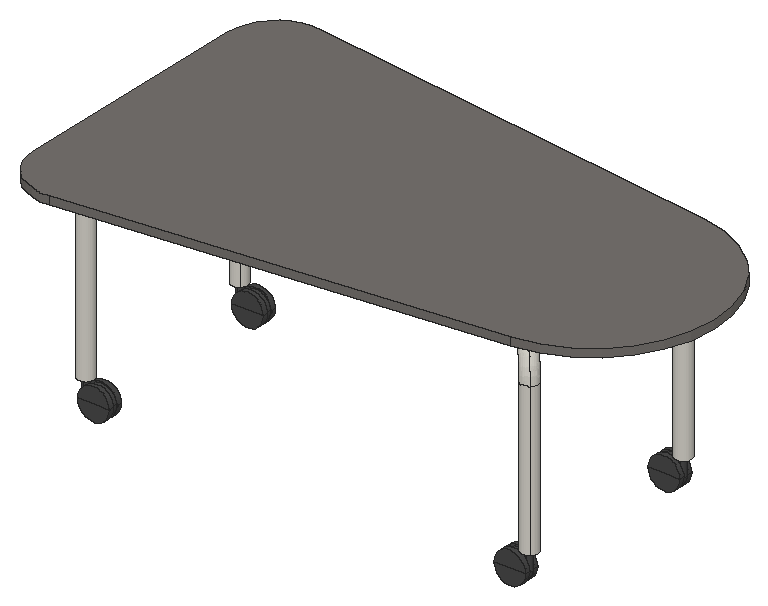
Revit family "Table-Teknion-CQTHU_Partner_Table-R2020", category Furniture, Revit 2020 (continued)
Automatic sketch dimensions
  Sweep 4 sketch curve to Sweep 4 sketch curve = 5.41586"
  Sweep 5 sketch curve to Sweep 5 sketch curve = 5.41586"
  profile plane to Sweep 7 sketch curve = 0.000"
  plane 16 to Sweep 8 sketch curve = 0.000"
  Sweep 8 sketch curve to profile plane = 0.000"
  Sweep 2 sketch curve to plane 11 = 0.000"
  Sweep 3 sketch curve to plane 12 = 0.000"
  plane 11 to Sweep 3 sketch curve = 12.80639"
  Sweep 3 sketch curve to Sweep 3 sketch curve = 5.42987"
  Sweep 2 sketch curve to plane 12 = 12.80248"
  Sweep 2 sketch curve to Sweep 2 sketch curve = 5.42596"
  plane 23 to Sweep 4 sketch curve = 0.0101"
  plane 13 to Sweep 4 sketch curve = 12.79237"
  Sweep 4 sketch curve to plane 14 = 0.000"
  Sweep 5 sketch curve to plane 14 = 12.79237"
  Sweep 5 sketch curve to plane 13 = 0.000"
  Sweep 1 sketch curve to Sweep 1 sketch curve = 5.95972"
  plane 1 "Center Front/Back" to Sweep 1 sketch curve = 14.89931"
  plane 1 "Center Front/Back" to Sweep 6 sketch curve = 7.98566"
  Sweep 6 sketch curve to Sweep 6 sketch curve = 0.000"  (x4)
  Sweep 6 sketch curve to Sweep 6 sketch curve = 0.53033"  (x6)
  plane 1 "Center Front/Back" to Sweep 6 sketch curve = 10.62309"
  Sweep 6 sketch curve to plane 1 "Center Front/Back" = 4.51306"  (x2)
  Sweep 6 sketch curve to plane 1 "Center Front/Back" = 7.15048"
  plane 1 "Center Front/Back" to Sweep 6 sketch curve = 7.15048"
  Sweep 6 sketch curve to Sweep 6 sketch curve = 2.63742"
  plane 1 "Center Front/Back" to Sweep 6 sketch curve = 4.51306"
  Revolve 10 sketch curve to Revolve 10 sketch curve = 0.470"
  Revolve 10 sketch curve to Revolve 10 sketch curve = 0.38622"
  Revolve 12 sketch curve to Revolve 12 sketch curve = 0.38622"
  Revolve 12 sketch curve to Revolve 12 sketch curve = 0.470"
  Revolve 14 sketch curve to Revolve 14 sketch curve = 0.470"
  Revolve 14 sketch curve to Revolve 14 sketch curve = 0.38622"
  plane 20 to Sweep 15 sketch curve = 0.000"
  Sweep 15 sketch curve to plane 21 = 0.000"
  Sweep 15 sketch curve to plane 15 = 0.000"
  Sweep 15 sketch curve to profile plane = 0.000"
  Sweep 15 sketch curve to profile plane = 11.88108"
  Revolve 16 sketch curve to Revolve 16 sketch curve = 0.38622"
  Revolve 16 sketch curve to Revolve 16 sketch curve = 0.470"
  plane 20 to Sweep 17 sketch curve = 0.000"
  Sweep 17 sketch curve to plane 15 = 0.000"
  Sweep 17 sketch curve to plane 21 = 0.000"
  Sweep 17 sketch curve to profile plane = 0.000"
  Sweep 17 sketch curve to profile plane = 11.88108"
  Sweep 18 sketch curve to Sweep 18 sketch curve = 0.70711"  (x4)
  profile plane to Sweep 18 sketch curve = 0.70711"  (x2)
  Sweep 18 sketch curve to profile plane = 0.70711"  (x2)
  profile plane to Sweep 19 sketch curve = 0.70711"  (x2)
  Sweep 19 sketch curve to Sweep 19 sketch curve = 0.70711"  (x4)
  Sweep 19 sketch curve to profile plane = 0.70711"  (x2)
  Revolve 23 sketch curve to Revolve 23 sketch curve = 0.47945"
  Revolve 23 sketch curve to plane 21 = 0.44795"
  level to Revolve 20 sketch curve = 0.43383"
  plane 21 to Revolve 20 sketch curve = 0.40234"
  Revolve 22 sketch curve to plane 20 = 0.000"
  Revolve 22 sketch curve to plane 21 = 0.44795"
  Revolve 22 sketch curve to level = 0.47945"
  Revolve 21 sketch curve to level = 0.6079"
  plane 22 to Revolve 21 sketch curve = 0.5171"
  Sweep 24 sketch curve to Sweep 24 sketch curve = 0.625"  (x3)
  Sweep 24 sketch curve to Sweep 24 sketch curve = 0.000"
  SweptBlend 25 sketch curve to SweptBlend 25 sketch curve = 0.500"  (x3)
  SweptBlend 25 sketch curve to SweptBlend 25 sketch curve = 0.000"  (x3)
  SweptBlend 25 sketch curve to SweptBlend 25 sketch curve = 0.27209"
  SweptBlend 25 sketch curve to SweptBlend 25 sketch curve = 0.20265"  (x2)
  curve 85 to curve 86 = 0.000"
  curve 85 to curve 91 = 0.000"
  curve 86 to curve 91 = 0.000"  (x2)
  curve 98 to curve 99 = 0.000"
  curve 98 to curve 100 = 0.000"  (x2)
  curve 99 to curve 100 = 0.000"
  plane 14 to curve 77 = 0.000"
  curve 72 to plane 13 = 0.000"
  curve 172 to plane 20 = 0.000"  (x2)
  plane 14 to curve 101 = 0.000"
  curve 73 to plane 13 = 0.000"
  curve 96 to plane 13 = 0.000"
  plane 14 to curve 76 = 0.000"
  plane 1 "Center Front/Back" to curve 100 = 0.000"
  plane 1 "Center Front/Back" to curve 85 = 0.000"
  curve 90 to plane 12 = 0.000"
  plane 11 to curve 81 = 0.000"
  curve 66 to plane 12 = 0.000"
  plane 11 to curve 63 = 0.000"  (x2)
  curve 160 to plane 19 = 0.000"
  curve 147 to plane 19 = 0.000"  (x2)
  curve 159 to plane 19 = 0.000"
  curve 67 to plane 12 = 0.000"
  curve 127 to plane 17 = 0.000"  (x2)
  curve 126 to plane 17 = 0.000"  (x2)
  curve 124 to plane 17 = 0.000"  (x2)
  curve 123 to plane 17 = 0.000"  (x2)
  curve 114 to plane 17 = 0.000"  (x2)
  curve 113 to plane 17 = 0.000"  (x2)
  curve 115 to plane 17 = 0.000"
  curve 118 to plane 17 = 0.000"
  curve 117 to plane 17 = 0.000"  (x2)
  plane 18 to curve 112 = 0.000"
  plane 18 to curve 132 = 0.000"
  plane 18 to curve 131 = 0.000"  (x2)
  plane 18 to curve 130 = 0.000"
  plane 18 to curve 133 = 0.000"  (x2)
  plane 18 to curve 134 = 0.000"
  plane 18 to curve 136 = 0.000"
  plane 18 to curve 105 = 0.000"  (x2)
  plane 18 to curve 107 = 0.000"  (x2)
  plane 18 to curve 109 = 0.000"  (x2)
  plane 18 to curve 111 = 0.000"
  plane 20 to curve 94 = 0.11004"
  curve 103 to plane 18 = 0.11004"
  curve 29 to curve 36 = 0.53033"
  curve 21 to curve 22 = 0.53033"
  curve 23 to curve 22 = 0.53033"
  curve 35 to curve 36 = 0.53033"
  curve 21 to curve 28 = 0.53033"
  curve 29 to curve 30 = 0.53033"
  curve 23 to plane 17 = 1.258"
  plane 1 "Center Front/Back" to curve 31 = 4.51306"
  curve 27 to plane 1 "Center Front/Back" = 4.51306"
  curve 33 to plane 18 = 1.258"
  curve 25 to plane 17 = 1.258"
  curve 31 to plane 18 = 4.7306"
  curve 25 to plane 17 = 3.66994"
  curve 33 to plane 18 = 3.66994"
  curve 27 to plane 17 = 4.7306"
  curve 94 to plane 1 "Center Front/Back" = 1.31331"
  curve 100 to curve 94 = 1.31331"
  plane 1 "Center Front/Back" to curve 104 = 1.31331"
  plane 1 "Center Front/Back" to curve 103 = 2.19719"
  curve 95 to plane 1 "Center Front/Back" = 2.19719"
  curve 88 to plane 1 "Center Front/Back" = 2.19719"
  curve 88 to curve 68 = 3.19557"
  plane 1 "Center Front/Back" to curve 84 = 2.19719"
  plane 1 "Center Front/Back" to curve 83 = 1.31331"
  curve 87 to plane 1 "Center Front/Back" = 1.31331"
  curve 9 to plane 18 = 3.66994"
  curve 11 to plane 18 = 4.7306"
  curve 13 to plane 17 = 3.66994"
  curve 19 to plane 17 = 4.7306"
  curve 9 to plane 18 = 1.258"
  curve 13 to plane 17 = 1.258"
  plane 1 "Center Front/Back" to curve 11 = 4.51306"
  curve 19 to plane 1 "Center Front/Back" = 4.51306"
  curve 15 to plane 17 = 1.258"
  curve 7 to plane 18 = 1.258"
  curve 18 to curve 17 = 0.53033"
  curve 12 to curve 5 = 0.53033"
  curve 16 to curve 17 = 0.53033"
  curve 6 to curve 7 = 0.53033"
  curve 16 to curve 15 = 0.53033"
  curve 6 to curve 5 = 0.53033"
  curve 75 to plane 17 = 0.70711"
  curve 101 to curve 104 = 0.000"
  plane 17 to curve 74 = 0.70711"
  plane 18 to curve 80 = 0.70711"
  curve 97 to plane 17 = 0.11004"
  curve 95 to plane 17 = 0.11004"
  curve 92 to curve 99 = 0.03057"
  curve 86 to plane 1 "Center Front/Back" = 0.09036"
  curve 90 to curve 88 = 0.000"
  plane 18 to curve 65 = 0.70711"
  plane 17 to curve 69 = 0.70711"
  curve 70 to plane 17 = 0.70711"
  curve 64 to plane 18 = 0.70711"
  curve 104 to curve 177 = 0.10393"
  curve 35 to curve 173 = 0.368"
  curve 79 to curve 177 = 0.38211"
  curve 183 to plane 20 = 0.000"
  curve 184 to plane 20 = 0.000"
  radius of Sweep 7 sketch curve = 0.625"
  radius of Sweep 8 sketch curve = 0.625"
  radius of Sweep 4 sketch curve = 1.000"
  radius of Sweep 5 sketch curve = 1.000"
  radius of Sweep 9 sketch curve = 0.625"
  radius of Sweep 11 sketch curve = 0.35945"
  radius of Sweep 13 sketch curve = 0.35945"
  radius of Sweep 15 sketch curve = 0.35945"
  radius of Sweep 17 sketch curve = 0.35945"
Nested families (in)
  nested 1: "Teknion_2D_Node_Family-R2020" at (0, 0, 1.9685), type "Teknion_2D_Node_Family-R2020"
Definition of nested family "Teknion_2D_Node_Family-R2020"
  Reference planes (in)
    plane 1 "Center (Front/Back)": y = 0
    plane 2: z = 0
    plane 3 "Center (Left/Right)": x = 0
  Lines and regions (in)
    detail lines, in view "Ref. Level"
      curve 1: circle (0, 0, 0) r 1.25 normal (0, 0, 1)
      curve 2: line (1.91508, -1.91508, 0) -> (-1.91508, 1.91508, 0)
      curve 3: line (-1.91508, -1.91508, 0) -> (1.91508, 1.91508, 0)
Types (7): name | Surface Finish | Support Surface | Support Leg | Model | Mobile Leg | Height | Frame Finish | Fixed Leg | Description
  (no name) | Foundation Laminate - Teknion - 2C - Urban Walnut | yes | no | "CQTHUTM4272" | yes | 29.000" | Paint - Teknion - Foundation - Sand | no | "Partner Table - Task Height with Mobile Mobility"
  Bar Height, Fixed Mobility | Foundation Laminate - Teknion - YA - Anigre | no | yes | "CQTHUBF4272" | no | 42.000" | Paint - Teknion - Foundation - Expresso | yes | "Partner Table - Bar Height with Fixed Mobility"
  Task Height, Fixed Mobility | Foundation Laminate - Teknion - YA - Anigre | yes | no | "CQTHUTF4272" | no | 29.000" | Paint - Teknion - Foundation - Crisp Grey | yes | "Partner Table - Task Height with Fixed Mobility"
  Counter Height, Fixed Mobility | Foundation Laminate - Teknion - XG - Very White | no | yes | "CQTHUCF4272" | no | 36.000" | Paint - Teknion - Mica - Satin - Ebony | yes | "Partner Table - Counter Height with Fixed Mobility"
  Bar Height, Mobile Mobility | Foundation Laminate - Teknion - 2C - Urban Walnut | no | yes | "CQTHUBM4272" | yes | 42.000" | Paint - Teknion - Foundation - Crisp Grey | no | "Partner Table - Bar Height with Mobile Mobility"
  Counter Height, Mobile Mobility | Foundation Laminate - Teknion - 3P - Sycamore Reflect | no | yes | "CQTHUCM4272" | yes | 36.000" | Paint - Teknion - Mica - Anthracite | no | "Partner Table - Counter Height with Mobile Mobility"
  Task Height, Mobile Mobility | Foundation Laminate - Teknion - 2C - Urban Walnut | yes | no | "CQTHUTM4272" | yes | 29.000" | Paint - Teknion - Foundation - Sand | no | "Partner Table - Task Height with Mobile Mobility"
